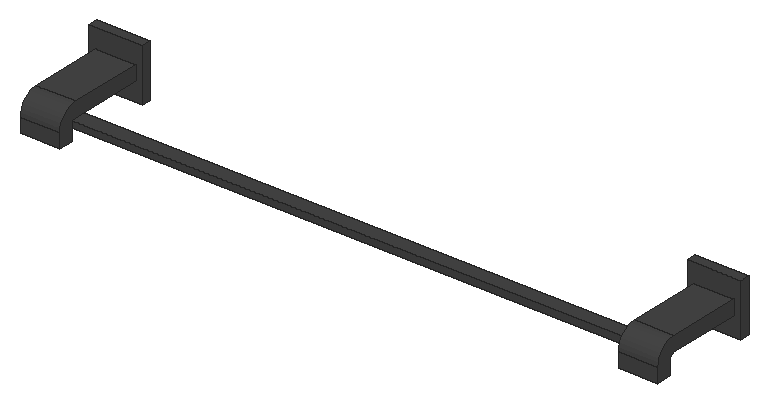
Revit family "Delta Bath Ara 77524", category Plumbing Fixtures, host Wall, Revit 2013
Parameters
  URL = "http://www.deltafaucet.com "
  ROBE HOOK = Stainless Steel
  Model = "77524"
  Manufacturer = "Delta"
  Depth = 4.18759"
Reference planes (in)
  plane 1: y = 0
  plane 2 "Center (Left/Right)": x = 0
  plane 3 "Wall Edge": y = 3
  plane 4: y = -3
Forms (in)
  Extrusion 1, solid, material "Stainless Steel" <- "ROBE HOOK", not visible
    sketch origin (0, 3, 25) x (1, 0, 0) y (0, 0, 1)
      loop
        line (-1.065, 45) -> (1.065, 45) -> (1.065, 47.13) -> (-1.065, 47.13) -> (-1.065, 45)
    from 6 to 6.39
  Sweep 2, solid, material "Stainless Steel" <- "ROBE HOOK", not visible
    path origin (0, 0, 25) x (0, 1, 0) y (0, 0, 1)
      loop
        line (-3.39, 46.065) -> (-6.39, 46.065)
        arc (-6.39, 46.065) -> (-6.74355, 45.91855) -> (-6.89, 45.565) r 0.5
        line (-6.89, 45.565) -> (-6.89, 45)
    profile origin (0, -4.89, 71.065) x (0, 0, -1) y (1, 0, 0)
      loop
        line (-0.29759, -0.795) -> (0.29759, -0.795) -> (0.29759, 0.795) -> (-0.29759, 0.795) -> (-0.29759, -0.795)
  Extrusion 3, solid, material "Stainless Steel" <- "ROBE HOOK", not visible
    sketch origin (-24, 3, 25) x (1, 0, 0) y (0, 0, 1)
      loop
        line (-1.065, 45) -> (1.065, 45) -> (1.065, 47.13) -> (-1.065, 47.13) -> (-1.065, 45)
    from 6 to 6.39
  Sweep 4, solid, material "Stainless Steel" <- "ROBE HOOK", not visible
    path origin (-24, 0, 25) x (0, 1, 0) y (0, 0, 1)
      loop
        line (-3.39, 46.065) -> (-6.39, 46.065)
        arc (-6.39, 46.065) -> (-6.74355, 45.91855) -> (-6.89, 45.565) r 0.5
        line (-6.89, 45.565) -> (-6.89, 45)
    profile origin (-24, -4.89, 71.065) x (0, 0, -1) y (1, 0, 0)
      loop
        line (-0.29759, -0.795) -> (0.29759, -0.795) -> (0.29759, 0.795) -> (-0.29759, 0.795) -> (-0.29759, -0.795)
  Extrusion 5, solid, material "Stainless Steel" <- "ROBE HOOK", not visible
    sketch origin (0, 3, 25) x (1, 0, 0) y (0, 0, 1)
      loop
        line (0, 45.76741) -> (-24, 45.76741) -> (-24, 45.48741) -> (0, 45.48741) -> (0, 45.76741)
    from 9.00241 to 9.59241
  Extrusion 6, solid, material "Stainless Steel" <- "ROBE HOOK", not visible
    sketch origin (0, 3, 25) x (1, 0, 0) y (0, 0, 1)
      loop
        line (-1.065, 45) -> (1.065, 45) -> (1.065, 47.13) -> (-1.065, 47.13) -> (-1.065, 45)
    from 6 to 6.39
  Sweep 7, solid, material "Stainless Steel" <- "ROBE HOOK", not visible
    path origin (0, 0, 25) x (0, 1, 0) y (0, 0, 1)
      loop
        line (-3.39, 46.065) -> (-6.39, 46.065)
        arc (-6.39, 46.065) -> (-6.74355, 45.91855) -> (-6.89, 45.565) r 0.5
        line (-6.89, 45.565) -> (-6.89, 45)
    profile origin (0, -4.89, 71.065) x (0, 0, -1) y (1, 0, 0)
      loop
        line (-0.29759, -0.795) -> (0.29759, -0.795) -> (0.29759, 0.795) -> (-0.29759, 0.795) -> (-0.29759, -0.795)
  Extrusion 8, solid, material "Stainless Steel" <- "ROBE HOOK", not visible
    sketch origin (-24, 3, 25) x (1, 0, 0) y (0, 0, 1)
      loop
        line (-1.065, 45) -> (1.065, 45) -> (1.065, 47.13) -> (-1.065, 47.13) -> (-1.065, 45)
    from 6 to 6.39
  Sweep 9, solid, material "Stainless Steel" <- "ROBE HOOK", not visible
    path origin (-24, 0, 25) x (0, 1, 0) y (0, 0, 1)
      loop
        line (-3.39, 46.065) -> (-6.39, 46.065)
        arc (-6.39, 46.065) -> (-6.74355, 45.91855) -> (-6.89, 45.565) r 0.5
        line (-6.89, 45.565) -> (-6.89, 45)
    profile origin (-24, -4.89, 71.065) x (0, 0, -1) y (1, 0, 0)
      loop
        line (-0.29759, -0.795) -> (0.29759, -0.795) -> (0.29759, 0.795) -> (-0.29759, 0.795) -> (-0.29759, -0.795)
  Extrusion 10, solid, material "Stainless Steel" <- "ROBE HOOK", not visible
    sketch origin (0, 3, 25) x (1, 0, 0) y (0, 0, 1)
      loop
        line (0, 45.76741) -> (-24, 45.76741) -> (-24, 45.48741) -> (0, 45.48741) -> (0, 45.76741)
    from 9.00241 to 9.59241
  Extrusion 11, solid, material "Stainless Steel" <- "ROBE HOOK"
    sketch origin (11, 3, -20.11296) x (1, 0, 0) y (0, 0, 1)
      loop
        line (-1.065, 45) -> (1.065, 45) -> (1.065, 47.13) -> (-1.065, 47.13) -> (-1.065, 45)
    from 6 to 6.39
  Sweep 12, solid, material "Stainless Steel" <- "ROBE HOOK"
    path origin (11, 0, -20.11296) x (0, 1, 0) y (0, 0, 1)
      loop
        line (-3.39, 46.065) -> (-6.39, 46.065)
        arc (-6.39, 46.065) -> (-6.74355, 45.91855) -> (-6.89, 45.565) r 0.5
        line (-6.89, 45.565) -> (-6.89, 45)
    profile origin (11, -4.89, 25.95204) x (0, 0, -1) y (1, 0, 0)
      loop
        line (-0.29759, -0.795) -> (0.29759, -0.795) -> (0.29759, 0.795) -> (-0.29759, 0.795) -> (-0.29759, -0.795)
  Extrusion 13, solid, material "Stainless Steel" <- "ROBE HOOK"
    sketch origin (-13, 3, -20.11296) x (1, 0, 0) y (0, 0, 1)
      loop
        line (-1.065, 45) -> (1.065, 45) -> (1.065, 47.13) -> (-1.065, 47.13) -> (-1.065, 45)
    from 6 to 6.39
  Sweep 14, solid, material "Stainless Steel" <- "ROBE HOOK"
    path origin (-13, 0, -20.11296) x (0, 1, 0) y (0, 0, 1)
      loop
        line (-3.39, 46.065) -> (-6.39, 46.065)
        arc (-6.39, 46.065) -> (-6.74355, 45.91855) -> (-6.89, 45.565) r 0.5
        line (-6.89, 45.565) -> (-6.89, 45)
    profile origin (-13, -4.89, 25.95204) x (0, 0, -1) y (1, 0, 0)
      loop
        line (-0.29759, -0.795) -> (0.29759, -0.795) -> (0.29759, 0.795) -> (-0.29759, 0.795) -> (-0.29759, -0.795)
  Extrusion 15, solid, material "Stainless Steel" <- "ROBE HOOK"
    sketch origin (11, 3, -20.11296) x (1, 0, 0) y (0, 0, 1)
      loop
        line (0, 45.76741) -> (-24, 45.76741) -> (-24, 45.48741) -> (0, 45.48741) -> (0, 45.76741)
    from 9.00241 to 9.59241
Text (in)
  text "Placement Side" at (0, 40.15149, 123.01588), in view "Right"
  text "Placement Side" at (-70.3804, 28.46503, 0), in view "Ref. Level"
  text "Placement Side" at (0, 81.62555, 140.59947), in view "Left"
Dimensions and locks (in)
  locked: plane 3 "Wall Edge" to host wall
  aligned and locked: plane 4 to Extrusion 13
  aligned and locked: plane 4 to host wall
